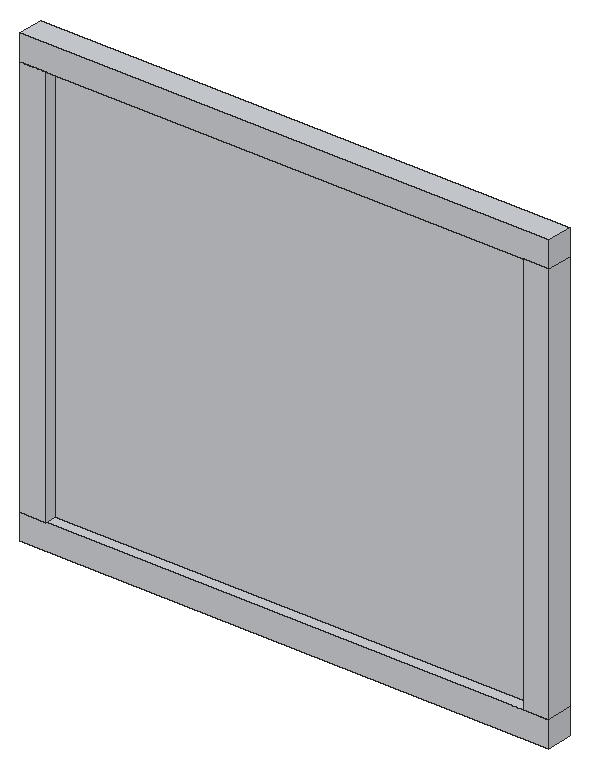
Revit family "1600X1860", category Windows, host Wall, Revit 2014
Parameters
  Operation = "NOTDEFINED"
  Analytic Construction = "<None>"
Reference planes
  plane 1: y = 0
  plane 2: z = 0
  plane 3: x = 0
Forms (mm)
  Extrusion 1, void
    sketch origin (0, 187.272, 800) x (0, 0, -1) y (1, 0, 0)
      loop
        line (-800, -930) -> (800, -930) -> (800, 930) -> (-800, 930) -> (-800, -930)
    from 0 to 374.544
  Extrusion 2, solid
    sketch origin (-885, 0, 90) x (1, 0, 0) y (0, 1, 0)
      loop
        line (45, 45) -> (-45, 45) -> (-45, -45) -> (45, -45) -> (45, 45)
    from 0 to 1420
  Extrusion 3, solid
    sketch origin (885, 0, 90) x (1, 0, 0) y (0, 1, 0)
      loop
        line (45, 45) -> (-45, 45) -> (-45, -45) -> (45, -45) -> (45, 45)
    from 0 to 1420
  Extrusion 4, solid
    sketch origin (0, 0, 90) x (1, 0, 0) y (0, 1, 0)
      loop
        line (840, 5) -> (-840, 5) -> (-840, -5) -> (840, -5) -> (840, 5)
    from 0 to 1420
  Extrusion 5, solid
    sketch origin (0, 0, 0) x (1, 0, 0) y (0, 1, 0)
      loop
        line (930, -45) -> (930, 45) -> (-930, 45) -> (-930, -45) -> (930, -45)
    from 0 to 90
  Extrusion 6, solid
    sketch origin (0, 0, 1510) x (1, 0, 0) y (0, 1, 0)
      loop
        line (930, -45) -> (930, 45) -> (-930, 45) -> (-930, -45) -> (930, -45)
    from 0 to 90
